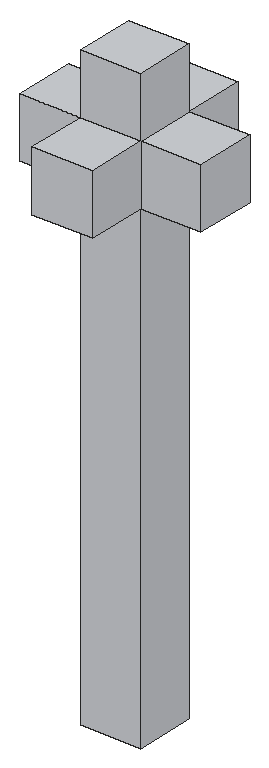
Revit family "Pilar Pre Fabricado - X", category Structural Columns, Revit 2016
Family settings
  Section Shape = Not Defined
  Material for Model Behavior = Other
  Always export as geometry = No
  Beam cutback in plan = From bounding box
  OmniClass Number = 23.25.30.11.14.11
  OmniClass Title = Columns
  Cut with Voids When Loaded = No
  Symbolic Representation = From Family
  Shared = No
  Show family pre-cut in plan views = Yes
Parameters
  Structural Material [instance] = (empty or 0)
  Profundidade = 40 cm
  Largura = 40 cm
  Avanço horizontal do apoio = 60 cm
  Altura do apoio = 40 cm
  Altura da Viga = 40 cm
Reference planes (cm)
  plane 1 "Centro (Frente/Trás)": y = 0
  plane 2: z = 0
  plane 3 "Centro (Esquerda/Direita)": x = 0
  plane 4 "Esquerda": x = -20
  plane 5 "Direita": x = 20
  plane 6 "Posterior": y = 20
  plane 7 "Frente": y = -20
  plane 8: z = 360
  plane 9: z = 320
  plane 10: y = -60
  plane 11: y = 60
  plane 12: x = 60
  plane 13: x = -60
Forms (cm)
  Extrusion 1, solid
    sketch origin (20, 0, 0) x (0, -1, 0) y (0, 0, 1)
      loop
        line (20, 0) -> (20, 320) -> (60, 320) -> (60, 360) -> (20, 360) -> (20, 400) -> (-20, 400) -> (-20, 360) -> (-60, 360) -> (-60, 320) -> (-20, 320) -> (-20, 0) -> (20, 0)
    from 0 to 40
  Extrusion 2, solid
    sketch origin (0, -20, 0) x (1, 0, 0) y (0, 0, 1)
      loop
        line (20, 360) -> (20, 320) -> (60, 320) -> (60, 360) -> (20, 360)
    from -40 to 0
  Extrusion 3, solid
    sketch origin (0, -20, 0) x (-1, 0, 0) y (0, 0, -1)
      loop
        line (20, -360) -> (60, -360) -> (60, -320) -> (20, -320) -> (20, -360)
    from -40 to 0
Text (cm)
  text "Desenvolvido por Fernando Goes\n\n@CaradoRevit\n\nfernandogoes@outlook.com" at (123.1355, -48.1012, -75.0343), in view "Vista 1"
Dimensions and locks (cm)
  equal spacing: plane 4 "Esquerda", plane 3 "Centro (Esquerda/Direita)", plane 5 "Direita"
  equal spacing: plane 7 "Frente", plane 1 "Centro (Frente/Trás)", plane 6 "Posterior"
  "Largura": plane 4 "Esquerda" to plane 5 "Direita"
  "Profundidade": plane 7 "Frente" to plane 6 "Posterior"
  "Altura da Viga": level to plane 8
  "Altura do apoio": plane 8 to plane 9
  equal spacing: plane 10, plane 1 "Centro (Frente/Trás)", plane 11
  "Avanço horizontal do apoio": plane 1 "Centro (Frente/Trás)" to plane 11
  "Avanço horizontal do apoio": plane 12 to plane 3 "Centro (Esquerda/Direita)"
  "Avanço horizontal do apoio": plane 3 "Centro (Esquerda/Direita)" to plane 13
  aligned and locked: level to plane 2
  aligned and locked: level to Extrusion 1 sketch curve
  aligned and locked: Extrusion 1 sketch curve to plane 6 "Posterior"
  aligned and locked: plane 8 to Extrusion 1 sketch curve  (x2)
  aligned and locked: Extrusion 1 to plane 11  (x3)
  aligned and locked: plane 4 "Esquerda" to Extrusion 1
  aligned and locked: Extrusion 1 to plane 6 "Posterior"
  aligned and locked: plane 7 "Frente" to Extrusion 1
  aligned and locked: Extrusion 1 to plane 5 "Direita"
  aligned and locked: Extrusion 1 to level
  aligned and locked: level to Extrusion 1
  aligned and locked: Extrusion 2 sketch curve to plane 5 "Direita"
  aligned and locked: plane 9 to Extrusion 2 sketch curve
  aligned and locked: Extrusion 2 sketch curve to plane 8
  aligned and locked: Extrusion 2 to plane 12  (x2)
  aligned and locked: Extrusion 2 to Extrusion 1
  aligned and locked: Extrusion 1 to Extrusion 2
  aligned and locked: Extrusion 1 to Extrusion 1
  aligned and locked: Extrusion 1 sketch curve to plane 9
  aligned and locked: plane 10 to Extrusion 1 sketch curve
  aligned and locked: Extrusion 3 sketch curve to plane 4 "Esquerda"
  aligned and locked: plane 8 to Extrusion 3 sketch curve
  aligned and locked: Extrusion 3 sketch curve to plane 9
  aligned and locked: plane 13 to Extrusion 3  (x2)
  aligned and locked: plane 10 to Extrusion 1
  aligned and locked: plane 8 to Extrusion 1  (x2)
  aligned and locked: Extrusion 1 to plane 9  (x2)
  aligned and locked: plane 8 to Extrusion 2
  aligned and locked: plane 8 to Extrusion 3
  aligned and locked: Extrusion 2 to plane 9
  aligned and locked: Extrusion 3 to plane 9
  aligned and locked: Extrusion 3 to Extrusion 1
Automatic sketch dimensions
  Extrusion 1 sketch curve to plane 9 = 0 cm
  Extrusion 1 sketch curve to plane 11 = 0 cm
  Extrusion 1 sketch curve to plane 6 "Posterior" = 0 cm
  Extrusion 1 sketch curve to level = 0 cm
  Extrusion 1 sketch curve to plane 7 "Frente" = 0 cm  (x2)
  plane 12 to Extrusion 2 sketch curve = 0 cm
  Extrusion 3 sketch curve to plane 4 "Esquerda" = 40 cm
